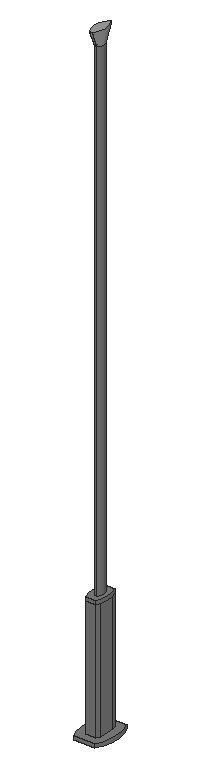
Revit family "Bticino universal columns", category Installations électriques, Revit 2020
Family settings
  Conserver l'orientation des annotations = Non
  Cote de connecteur circulaire = Utiliser le diamètre
  Type d'élément = Normal
  Basée sur le plan de construction = Non
  Toujours verticalement = Oui
  Couper avec des vides une fois chargée = Non
  Partagée = Non
  Point de calcul de pièce = Non
Parameters (values of type "IDS_129304NAL")
  Séparateur = 34.7 mm
  Standard = "Universal"
  Number of compartments = "1 compartment"
  Modèle = "129304NAL"
  Matériaux corps = Legrand - Aluminium gris
  Matériau couvercle = Legrand - Plastique gris
  Main Material = "Aluminum"
  Longueur = if([1 CPT], 82 mm, 125 mm)  # 82 mm
  Largeur = 75 mm
  L2 = 2720 mm
  Ovaline_kit = yes
  H1 = 680 mm
  HC = H1 - 40 mm  # 640 mm
  Finishing = "Aluminum"
  Fabricant = "BTCINO"
  Elévation par défaut = 0 mm
  Description = "IDS_DESCRITPION_129304NAL"
  2 CPT = no
  1 CPT = yes
Types (8, lengths in mm): name | Number of compartments | Modèle | Matériaux corps | Matériau couvercle | Longueur | L2 | Ovaline_kit | H1 | HC | Finishing | Description | 2 CPT | 1 CPT
  IDS_129201NBA | "1 compartment" | "129201NBA" | Legrand - Aluminium blanc | Legrand - Plastique blanc | 82 | 150 | no | 2700 | 2660 | "White" | "IDS_DESCRITPION_129201NBA" | no | yes
  IDS_129201NAL | "1 compartment" | "129201NAL" | Legrand - Aluminium gris | Legrand - Plastique gris | 82 | 150 | no | 2700 | 2660 | "Aluminum" | "IDS_DESCRITPION_129201NAL" | no | yes
  IDS_129201NNR | "1 compartment" | "129201NNR" | Legrand - Aluminium noir | Legrand - Plastique noir | 82 | 150 | no | 2700 | 2660 | "Black" | "IDS_DESCRITPION_129201NNR" | no | yes
  IDS_129001NBA | "2 compartments" | "129001NBA" | Legrand - Aluminium blanc | Legrand - Plastique blanc | 125 | 150 | no | 2700 | 2660 | "White" | "IDS_DESCRITPION_129001NBA" | yes | no
  IDS_129001NAL | "2 compartments" | "129001NAL" | Legrand - Aluminium gris | Legrand - Plastique gris | 125 | 150 | no | 2700 | 2660 | "Aluminum" | "IDS_DESCRITPION_129001NAL" | yes | no
  IDS_129001NNR | "2 compartments" | "129001NNR" | Legrand - Aluminium noir | Legrand - Plastique noir | 125 | 150 | no | 2700 | 2660 | "Black" | "IDS_DESCRITPION_129001NNR" | yes | no
  IDS_129202NAL | "1 compartment" | "129202NAL" | Legrand - Aluminium gris | Legrand - Plastique gris | 82 | 150 | no | 2700 | 2660 | "Aluminum" | "IDS_DESCRITPION_129202NAL" | no | yes
  IDS_129304NAL | "1 compartment" | "129304NAL" | Legrand - Aluminium gris | Legrand - Plastique gris | 82 | 2720 | yes | 680 | 640 | "Aluminum" | "IDS_DESCRITPION_129304NAL" | no | yes
Reference planes
  plane 1 "Centre (avant/arrière)": y = 0
  plane 2: z = 0
  plane 3 "Centre (gauche/droite)": x = 0
  plane 4: z = 680
  plane 5 "Bas Corps": z = 20
  plane 6 "Haut corps": z = 660
  plane 7: z = 3400
  plane 8 "Connecteur": z = 340
Forms (mm)
  Extrusion 1, solid, material "Legrand - Aluminium gris" <- "Matériaux corps", visible <- "2 CPT"
    sketch origin (0, 0, 0) x (1, 0, 0) y (0, 1, 0)
      loop
        arc (-51.5, 62.5) -> (-62.643, 0) -> (-51.5, -62.5) r 180.856
        line (-51.5, -62.5) -> (-40, -62.5) -> (-40, -22.5) -> (40, -22.5) -> (40, -62.5) -> (51.5, -62.5)
        arc (51.5, -62.5) -> (62.643, 0) -> (51.5, 62.5) r 180.856
        line (51.5, 62.5) -> (40, 62.5) -> (40, 22.5) -> (-40, 22.5) -> (-40, 62.5) -> (-51.5, 62.5)
    from 20 to 660
  Extrusion 2, solid, material "Legrand - Aluminium gris" <- "Matériaux corps", visible <- "1 CPT"
    sketch origin (0, 0, 0) x (1, 0, 0) y (0, 1, 0)
      loop
        arc (-26.5, 62.5) -> (-37.5, 0) -> (-26.5, -62.5) r 183.057
        line (-26.5, -62.5) -> (26.5, -62.5)
        arc (26.5, -62.5) -> (30.149, -51.355) -> (33.076, -40) r 183.057
        line (33.076, -40) -> (-6.924, -40) -> (-6.924, 40) -> (33.076, 40)
        arc (33.076, 40) -> (30.149, 51.355) -> (26.5, 62.5) r 183.057
        line (26.5, 62.5) -> (-26.5, 62.5)
    from 20 to 660
  Extrusion 3, solid, material "Legrand - Aluminium gris" <- "Matériaux corps", visible <- "1 CPT"
    sketch origin (0, 0, 0) x (1, 0, 0) y (0, 1, 0)
      loop
        line (-27.896, -64.5) -> (27.896, -64.5)
        arc (27.896, -64.5) -> (39.5, 0) -> (27.896, 64.5) r 185.057
        line (27.896, 64.5) -> (-27.896, 64.5)
        arc (-27.896, 64.5) -> (-39.5, 0) -> (-27.896, -64.5) r 185.057
    from 660 to 680
  Extrusion 4, solid, material "Legrand - Aluminium gris" <- "Matériaux corps", visible <- "1 CPT"
    sketch origin (0, 0, 0) x (1, 0, 0) y (0, 1, 0)
      loop
        line (55.574, 107.5) -> (-55.574, 107.5)
        arc (-55.574, 107.5) -> (-82.5, 0) -> (-55.574, -107.5) r 228.057
        line (-55.574, -107.5) -> (55.574, -107.5)
        arc (55.574, -107.5) -> (82.5, 0) -> (55.574, 107.5) r 228.057
    from 0 to 20
  Extrusion 5, solid, material "Legrand - Aluminium gris" <- "Matériaux corps", visible <- "2 CPT"
    sketch origin (0, 0, 0) x (1, 0, 0) y (0, 1, 0)
      loop
        line (-52.889, -64.5) -> (52.889, -64.5)
        arc (52.889, -64.5) -> (64.643, 0) -> (52.889, 64.5) r 182.856
        line (52.889, 64.5) -> (-52.889, 64.5)
        arc (-52.889, 64.5) -> (-64.643, 0) -> (-52.889, -64.5) r 182.856
    from 660 to 680
  Extrusion 6, solid, material "Legrand - Aluminium gris" <- "Matériaux corps", visible <- "2 CPT"
    sketch origin (0, 0, 0) x (1, 0, 0) y (0, 1, 0)
      loop
        line (-70.644, -91.5) -> (70.644, -91.5)
        arc (70.644, -91.5) -> (91.643, 0) -> (70.644, 91.5) r 209.856
        line (70.644, 91.5) -> (-70.644, 91.5)
        arc (-70.644, 91.5) -> (-91.643, 0) -> (-70.644, -91.5) r 209.856
    from 0 to 20
Dimensions and locks
  "H1": plane 4 to level
  locked: plane 5 "Bas Corps" to plane 2 at 20
  locked: plane 4 to plane 6 "Haut corps" at 20
  "L2": plane 7 to plane 4
  equal spacing: plane 4, plane 8 "Connecteur", plane 2
  aligned and locked: level to plane 2
  aligned and locked: Extrusion 1 to plane 5 "Bas Corps"
  aligned and locked: plane 6 "Haut corps" to Extrusion 1
  aligned and locked: nested 2 to plane 5 "Bas Corps"
  aligned and locked: nested 1 to plane 5 "Bas Corps"
  aligned and locked: Extrusion 2 to plane 5 "Bas Corps"
  aligned and locked: plane 6 "Haut corps" to Extrusion 2
  aligned and locked: nested 3 to plane 5 "Bas Corps"
  aligned and locked: plane 4 to Extrusion 3
  aligned and locked: Extrusion 3 to plane 6 "Haut corps"
  aligned and locked: plane 5 "Bas Corps" to Extrusion 4
  aligned and locked: plane 4 to Extrusion 5
  aligned and locked: Extrusion 5 to plane 6 "Haut corps"
  aligned and locked: plane 5 "Bas Corps" to Extrusion 6
Automatic sketch dimensions
  plane 1 "Centre (avant/arrière)" to Extrusion 1 sketch curve = 0 mm  (x2)
  Extrusion 1 sketch curve to plane 3 "Centre (gauche/droite)" = 118.214 mm
  Extrusion 1 sketch curve to plane 3 "Centre (gauche/droite)" = 51.5 mm  (x2)
  Extrusion 1 sketch curve to Extrusion 1 sketch curve = 11.5 mm  (x3)
  plane 3 "Centre (gauche/droite)" to Extrusion 1 sketch curve = 40 mm  (x2)
  Extrusion 1 sketch curve to Extrusion 1 sketch curve = 78.214 mm
  plane 1 "Centre (avant/arrière)" to Extrusion 1 sketch curve = 22.5 mm
  Extrusion 1 sketch curve to Extrusion 1 sketch curve = 40 mm  (x2)
  Extrusion 1 sketch curve to plane 1 "Centre (avant/arrière)" = 22.5 mm
  Extrusion 1 sketch curve to plane 3 "Centre (gauche/droite)" = 40 mm
  plane 1 "Centre (avant/arrière)" to Extrusion 2 sketch curve = 0 mm  (x2)
  Extrusion 2 sketch curve to plane 3 "Centre (gauche/droite)" = 26.5 mm  (x2)
  Extrusion 2 sketch curve to plane 3 "Centre (gauche/droite)" = 6.924 mm
  plane 3 "Centre (gauche/droite)" to Extrusion 2 sketch curve = 26.5 mm  (x2)
  Extrusion 2 sketch curve to Extrusion 2 sketch curve = 112.48 mm
  Extrusion 2 sketch curve to Extrusion 2 sketch curve = 0 mm  (x3)
  plane 1 "Centre (avant/arrière)" to Extrusion 2 sketch curve = 40 mm
  Extrusion 2 sketch curve to Extrusion 2 sketch curve = 22.5 mm
  Extrusion 2 sketch curve to Extrusion 2 sketch curve = 119.057 mm
  Extrusion 2 sketch curve to Extrusion 2 sketch curve = 6.576 mm
  plane 1 "Centre (avant/arrière)" to Extrusion 3 sketch curve = 0 mm  (x2)
  Extrusion 3 sketch curve to plane 3 "Centre (gauche/droite)" = 145.557 mm
  Extrusion 3 sketch curve to Extrusion 3 sketch curve = 117.661 mm
  Extrusion 3 sketch curve to plane 1 "Centre (avant/arrière)" = 64.5 mm
  Extrusion 3 sketch curve to plane 3 "Centre (gauche/droite)" = 27.896 mm
  plane 3 "Centre (gauche/droite)" to Extrusion 3 sketch curve = 27.896 mm
  Extrusion 3 sketch curve to Extrusion 3 sketch curve = 0 mm
  plane 1 "Centre (avant/arrière)" to Extrusion 4 sketch curve = 0 mm  (x2)
  Extrusion 4 sketch curve to plane 3 "Centre (gauche/droite)" = 145.557 mm
  plane 3 "Centre (gauche/droite)" to Extrusion 4 sketch curve = 55.574 mm  (x2)
  Extrusion 4 sketch curve to Extrusion 4 sketch curve = 89.983 mm
  Extrusion 4 sketch curve to plane 1 "Centre (avant/arrière)" = 107.5 mm
  Extrusion 4 sketch curve to plane 3 "Centre (gauche/droite)" = 55.574 mm
  plane 1 "Centre (avant/arrière)" to Extrusion 5 sketch curve = 0 mm  (x2)
  Extrusion 5 sketch curve to plane 3 "Centre (gauche/droite)" = 118.214 mm
  Extrusion 5 sketch curve to plane 3 "Centre (gauche/droite)" = 52.889 mm
  plane 3 "Centre (gauche/droite)" to Extrusion 5 sketch curve = 52.889 mm  (x2)
  plane 1 "Centre (avant/arrière)" to Extrusion 5 sketch curve = 64.5 mm
  Extrusion 5 sketch curve to Extrusion 5 sketch curve = 65.324 mm
  plane 1 "Centre (avant/arrière)" to Extrusion 6 sketch curve = 0 mm  (x2)
  Extrusion 6 sketch curve to plane 3 "Centre (gauche/droite)" = 118.214 mm
  plane 3 "Centre (gauche/droite)" to Extrusion 6 sketch curve = 70.644 mm  (x2)
  Extrusion 6 sketch curve to Extrusion 6 sketch curve = 47.569 mm
  Extrusion 6 sketch curve to plane 1 "Centre (avant/arrière)" = 91.5 mm
  Extrusion 6 sketch curve to plane 3 "Centre (gauche/droite)" = 70.644 mm
Nested families
  nested 1: "Column cover 80" at (-40, 62.5, 20), visible <- "2 CPT", Matériau <- "Matériau couvercle", H1 <- "HC", type "Column cover 80"
    with Matériau Legrand - Plastique gris, L1 40 mm, H1 640 mm
  nested 2: "Column cover 80" at (-40, -22.5, 20), visible <- "2 CPT", Matériau <- "Matériau couvercle", H1 <- "HC", type "Column cover 80"
    with Matériau Legrand - Plastique gris, L1 40 mm, H1 640 mm
  nested 3: "Column cover 80" at (33.076, 40, 20) x (0, -1, 0) z (0, 0, 1), visible <- "1 CPT", Matériau <- "Matériau couvercle", H1 <- "HC", type "Column cover 80"
    with Matériau Legrand - Plastique gris, L1 40 mm, H1 640 mm
  nested 4: "IDS_LEGRAND_OVALINE_KIT" at (0, 0, 680), visible <- "Ovaline_kit", type "Ovaline kit mini Column 1C Alu"
    with h1 2720 mm
Connectors
  electrical at (0, 0, 340)
    settings: index 1, voltage 0 V, apparent load 0 VA, apparent load phase1 0 VA, apparent load phase2 0 VA, apparent load phase3 0 VA, power factor 1, load classification "Autre", number of poles 1, system type 31, power factor state 1, is connector primary yes, connector utility no, sub classification motor no, connector description ""
Definition of nested family "Column cover 80"
  Parameters (values of type "IDS_COLUMN_COVER_80")
    Matériau [instance] = none
    L1 [instance] = 187.766 mm
    H1 [instance] = 2660 mm
    Default Elevation = 0 mm
  Reference planes
    plane 1 "Centre (avant/arrière)": y = 0
    plane 2: z = 0
    plane 3 "Centre (gauche/droite)": x = 0
    plane 4: x = 80
    plane 5: y = -187.766
    plane 6: z = 2660
  Forms (mm)
    Extrusion 1, solid, material <- "Matériau"
      sketch origin (0, 0, 0) x (1, 0, 0) y (0, 1, 0)
        loop
          line (0, 0) -> (0, -187.766) -> (80, -187.766) -> (80, 0) -> (0, 0)
      from 0 to 2660
  Dimensions and locks
    plane 3 "Centre (gauche/droite)" to plane 4 = 80 mm
    "L1": plane 5 to plane 1 "Centre (avant/arrière)"
    "H1": plane 6 to plane 2
    aligned and locked: level to plane 2
    aligned and locked: plane 6 to Extrusion 1
  Automatic sketch dimensions
    Extrusion 1 sketch curve to plane 3 "Centre (gauche/droite)" = 0 mm
    Extrusion 1 sketch curve to plane 4 = 0 mm
    Extrusion 1 sketch curve to plane 5 = 0 mm
    plane 1 "Centre (avant/arrière)" to Extrusion 1 sketch curve = 0 mm
Definition of nested family "IDS_LEGRAND_OVALINE_KIT"
  Parameters (values of type "IDS_LG-653060")
    h1 = 2700 mm
    Model = "LG-653060"
    Manufacturer = "LEGRAND"
    Default Elevation = 0 mm
    Description = "IDS_DESCRITPION_LG-653060"
  Types (6, lengths in mm): name | Model | Description
    IDS_LG-653060 | "LG-653060" | "IDS_DESCRITPION_LG-653060"
    IDS_LG-653061 | "LG-653061" | "IDS_DESCRITPION_LG-653061"
    IDS_LG-653062 | "LG-653062" | "IDS_DESCRITPION_LG-653062"
    IDS_LG-653063 | "LG-653063" | "IDS_DESCRITPION_LG-653063"
    IDS_LG-653064 | "LG-653064" | "IDS_DESCRITPION_LG-653064"
    IDS_LG-653065 | "LG-653065" | "IDS_DESCRITPION_LG-653065"
  Reference planes
    plane 1 "Centre (avant/arrière)": y = 0
    plane 2: z = 0
    plane 3 "Centre (gauche/droite)": x = 0
    plane 4: z = 2700
    plane 5: z = 2620
  Forms (mm)
    Extrusion 1, solid
      sketch origin (0, 0, 0) x (1, 0, 0) y (0, 1, 0)
        loop
          line (-1219.2, 1219.2) -> (-1219.2, -1219.2) -> (1219.2, -1219.2) -> (1219.2, 1219.2) -> (-1219.2, 1219.2)
      from 0 to -304.8
    Extrusion 2, solid
      sketch origin (0, 0, 0) x (1, 0, 0) y (0, 1, 0)
        loop
          arc (-5, 27.5) -> (-16.5, 0) -> (-5, -27.5) r 38.63
          line (-5, -27.5) -> (5, -27.5)
          arc (5, -27.5) -> (16.5, 0) -> (5, 27.5) r 38.63
          line (5, 27.5) -> (-5, 27.5)
      from 0 to 2620
    Blend 3, solid
      base sketch origin (0, 0, 2700) x (0, -1, 0) y (1, 0, 0)
        loop
          arc (-60, -10) -> (0, -27.5) -> (60, -10) r 111.607
          arc (60, -10) -> (65, 0) -> (60, 10) r 12.5
          arc (60, 10) -> (0, 27.5) -> (-60, 10) r 111.607
          arc (-60, 10) -> (-65, 0) -> (-60, -10) r 12.5
      top sketch origin (0, 0, 2700) x (0, -1, 0) y (1, 0, 0)
        loop
          arc (28.924, -6.405) -> (31.551, 0) -> (28.924, 6.405) r 9.119
          arc (28.924, 6.405) -> (0, 18.5) -> (-28.924, 6.405) r 40.63
          arc (-28.924, 6.405) -> (-31.551, 0) -> (-28.924, -6.405) r 9.119
          arc (-28.924, -6.405) -> (0, -18.5) -> (28.924, -6.405) r 40.63
      from 0 to -80
  Dimensions and locks
    "h1": plane 4 to plane 2
    locked: plane 4 to plane 5 at 80
    aligned and locked: plane 2 to Extrusion 1
    aligned and locked: level to Extrusion 1
    aligned and locked: Extrusion 2 to Blend 3
    aligned and locked: plane 4 to Blend 3
    aligned and locked: Blend 3 to plane 5
    aligned and locked: plane 5 to Extrusion 2
    aligned and locked: Extrusion 2 to level
  Automatic sketch dimensions
    Extrusion 1 sketch curve to Extrusion 1 sketch curve = 2438.4 mm  (x2)
    plane 1 "Centre (avant/arrière)" to Extrusion 2 sketch curve = 0 mm  (x2)
    Extrusion 2 sketch curve to plane 3 "Centre (gauche/droite)" = 22.13 mm
    Extrusion 2 sketch curve to plane 3 "Centre (gauche/droite)" = 5 mm  (x2)
    plane 3 "Centre (gauche/droite)" to Extrusion 2 sketch curve = 5 mm
    plane 3 "Centre (gauche/droite)" to Extrusion 2 sketch curve = 22.13 mm
    plane 1 "Centre (avant/arrière)" to Extrusion 2 sketch curve = 27.5 mm
    Blend 3 sketch curve to plane 3 "Centre (gauche/droite)" = 0 mm  (x4)
    plane 1 "Centre (avant/arrière)" to Blend 3 sketch curve = 0 mm  (x4)
    Blend 3 sketch curve to plane 1 "Centre (avant/arrière)" = 52.5 mm
    plane 1 "Centre (avant/arrière)" to Blend 3 sketch curve = 52.5 mm
    Blend 3 sketch curve to plane 3 "Centre (gauche/droite)" = 84.107 mm
    plane 3 "Centre (gauche/droite)" to Blend 3 sketch curve = 84.107 mm
    Blend 3 sketch curve to Blend 3 sketch curve = 7.5 mm  (x3)
    Blend 3 sketch curve to plane 3 "Centre (gauche/droite)" = 10 mm
    Blend 3 sketch curve to plane 1 "Centre (avant/arrière)" = 22.432 mm
    plane 1 "Centre (avant/arrière)" to Blend 3 sketch curve = 22.432 mm
    Blend 3 sketch curve to plane 3 "Centre (gauche/droite)" = 22.13 mm
    plane 3 "Centre (gauche/droite)" to Blend 3 sketch curve = 22.13 mm
    plane 3 "Centre (gauche/droite)" to Blend 3 sketch curve = 6.405 mm
    Blend 3 sketch curve to plane 3 "Centre (gauche/droite)" = 6.405 mm
    Blend 3 sketch curve to Blend 3 sketch curve = 0 mm  (x2)
